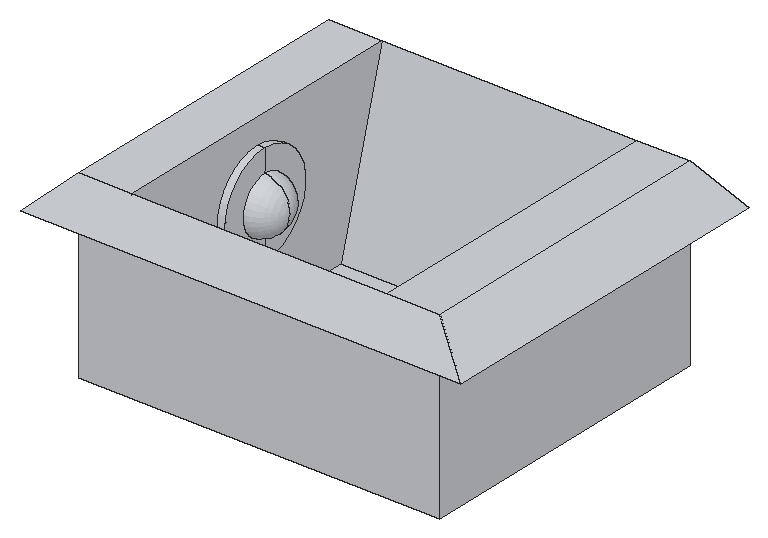
Revit family "WH1845B", category Mechanical Equipment, host Face, Revit 2016
Family settings
  Host = Face
  Part Type = Normal
  Round Connector Dimension = Use Diameter
  OmniClass Number = 23.40.20.21.21
  OmniClass Title = Toilet Paper Dispensers
  Cut with Voids When Loaded = No
  Shared = Yes
  Room Calculation Point = No
Parameters (values of type "WH1845B")
  Waste Connection = no
  OVERALL SIZE WIDTH = 8.75
  Voltage = 0
  Vent Connection = no
  URL = "https://www.whitehallmfg.com/home"
  Type Comments = ""
  Tempered Water Connection = no
  Revised Date = "06/26/19"
  Phone# = "1.800.782.7706"
  Model = "WH1845B"
  Material = Stainless Steel
  Manufacturer = "Whitehall Mfg"
  OVERALL SIZE HEIGHT = 7.625
  HW Connection = no
  Designed By = "ACORN BIM DESIGN TEAM"
  Description = "Ligature Resistant Spindle Button Semi-Recessed Toilet Paper Holder"
  Default Elevation = 0.000"
  OVERALL DEPTH = 0.75
  CW Connection = no
  Assembly Code = ""
  Amperage = 0
  WH1845B - Ligature Resistant Spindle Button Semi-Recessed Toilet Paper Holder = ""
Reference planes (in)
  plane 1 "Center (Front/Back)": y = 0.30637
  plane 2: z = 0
  plane 3 "Center (Left/Right)": x = 0
  plane 4: x = 4.75
  plane 5: x = -4.75
  plane 6: x = -4.375
  plane 7: x = 4.375
  plane 8: x = 3.58
  plane 9: x = -3.58
  plane 10: y = 3.86887
  plane 11: y = 3.41387
  plane 12: y = -2.80113
  plane 13: y = -3.25613
  plane 14: x = -2.531
  plane 15: x = 2.531
  plane 16: y = 2.36887
  plane 17: y = -1.75613
  plane 18: z = -2.875
Forms (in)
  Blend 1, solid
    base sketch origin (0, 0, 0) x (1, 0, 0) y (0, 1, 0)
      loop
        line (-3.58, 3.41387) -> (-3.58, -2.80113) -> (3.58, -2.80113) -> (3.58, 3.41387) -> (-3.58, 3.41387)
    top sketch origin (0, 0, 0) x (1, 0, 0) y (0, 1, 0)
      loop
        line (-4.375, 3.86887) -> (-4.375, -3.25613) -> (4.375, -3.25613) -> (4.375, 3.86887) -> (-4.375, 3.86887)
    from 0.75357 to 0
  Revolve 2, solid
    sketch origin (0, 0.30637, 0.37986) x (1, 0, 0) y (0, 0, 1)
      loop
        line (-2.531, -1.1141) -> (-1.87639, -1.1141)
        arc (-1.87639, -1.1141) -> (-2.01634, -0.74343) -> (-2.36605, -0.55721) r 0.562
        line (-2.36605, -0.55721) -> (-2.36605, -0.1141) -> (-2.531, -0.1141) -> (-2.531, -1.1141)
      axis (-1.87639, -1.1141) -> (-2.531, -1.1141)
    angle from 0 to 360
  Revolve 3, solid
    sketch origin (0, 0.30637, 0.3748) x (-1, 0, 0) y (0, 0, 1)
      loop
        line (-2.531, -1.1141) -> (-1.87639, -1.1141)
        arc (-1.87639, -1.1141) -> (-2.01634, -0.74343) -> (-2.36605, -0.55721) r 0.562
        line (-2.36605, -0.55721) -> (-2.36605, -0.1141) -> (-2.531, -0.1141) -> (-2.531, -1.1141)
      axis (-1.87639, -1.1141) -> (-2.531, -1.1141)
    angle from 0 to 360
  Extrusion 4, void
    sketch origin (0, 0, 0) x (1, 0, 0) y (0, 1, 0)
      loop
        line (-4.06029, 3.41387) -> (-4.06029, -2.80113) -> (4.07015, -2.80113) -> (4.07015, 3.41387) -> (-4.06029, 3.41387)
    from -4.5205 to 0
  Extrusion 5, solid
    sketch origin (0, 0, 0) x (1, 0, 0) y (0, 1, 0)
      loop
        line (-3.58, 3.41387) -> (-3.58, -2.80113) -> (3.58, -2.80113) -> (3.58, 3.41387) -> (-3.58, 3.41387)
    from -2.875 to 0.75357
  Extrusion 6, void
    sketch origin (-9, -60, 48) x (0, -1, 0) y (0, 0, 1)
      loop
        line (-63.41387, -47.24643) -> (-62.39908, -50.77013) -> (-58.21367, -50.77013) -> (-57.19887, -47.24643) -> (-63.41387, -47.24643)
    from -11.531 to -6.469
Cuts and joins
  Extrusion 6 cuts Blend 1
  Extrusion 6 cuts Extrusion 5
  joined: Blend 1, Extrusion 5
Lines and regions (in)
  symbolic lines
    curve 1: line (-4.06029, 0.30637, 0) -> (-4.06029, 0.30637, 0.5)
    curve 2: line (4.18971, 0.30637, 0) -> (4.18971, 0.30637, 0.5)
Dimensions and locks (in)
  equal spacing: plane 5, plane 3 "Center (Left/Right)", plane 4
  plane 4 to plane 5 = 9.500"
  plane 5 to plane 3 "Center (Left/Right)" = 4.750"
  curve 2 to curve 1 = 8.250"
  plane 6 to plane 7 = 8.750"
  equal spacing: plane 6, plane 3 "Center (Left/Right)", plane 7
  plane 9 to plane 8 = 7.160"
  equal spacing: plane 9, plane 3 "Center (Left/Right)", plane 8
  equal spacing: plane 10, plane 1 "Center (Front/Back)", plane 13
  plane 10 to plane 13 = 7.125"
  equal spacing: plane 11, plane 1 "Center (Front/Back)", plane 12
  plane 11 to plane 12 = 6.215"
  equal spacing: plane 14, plane 3 "Center (Left/Right)", plane 15
  equal spacing: plane 16, plane 1 "Center (Front/Back)", plane 17
  plane 16 to plane 17 = 4.125"
  plane 14 to plane 15 = 5.062"
  level to plane 18 = 2.875"
  aligned and locked: plane 2 to host face
  aligned and locked: level to host face
  aligned and locked: host sketch curve to plane 4
  aligned and locked: plane 5 to host sketch curve
  aligned and locked: plane 6 to Blend 1 sketch curve
  aligned and locked: Blend 1 sketch curve to plane 7
  aligned and locked: plane 9 to Blend 1 sketch curve
  aligned and locked: Blend 1 sketch curve to plane 8
  aligned and locked: Blend 1 sketch curve to plane 10
  aligned and locked: plane 13 to Blend 1 sketch curve
  aligned and locked: Blend 1 sketch curve to plane 11
  aligned and locked: plane 12 to Blend 1 sketch curve
  aligned and locked: Blend 1 to level
  aligned and locked: level to Extrusion 4
  aligned and locked: Extrusion 5 to Blend 1
Automatic sketch dimensions
  curve 1 to level = 0.000"
  curve 2 to level = 0.000"
  plane 6 to curve 1 = 0.31471"
  curve 2 to curve 2 = 0.500"
  curve 1 to curve 1 = 0.500"
  host sketch curve to host sketch curve = 8.17187"
  Revolve 2 sketch curve to plane 14 = 0.000"  (x2)
  plane 14 to Revolve 2 sketch curve = 0.09261"
  plane 14 to Revolve 2 sketch curve = 0.16495"
  Revolve 2 sketch curve to Revolve 2 sketch curve = 0.562"
  Revolve 2 sketch curve to level = 0.73467"
  Revolve 2 sketch curve to Revolve 2 sketch curve = 0.00043"
  level to Revolve 2 sketch curve = 0.26576"
  Revolve 2 sketch curve to Revolve 2 sketch curve = 0.500"
  Revolve 2 sketch curve to Revolve 2 sketch curve = 0.000"
  Revolve 3 sketch curve to plane 15 = 0.000"  (x2)
  plane 15 to Revolve 3 sketch curve = 0.09261"
  plane 15 to Revolve 3 sketch curve = 0.16495"
  Revolve 3 sketch curve to Revolve 3 sketch curve = 0.562"
  level to Revolve 3 sketch curve = 0.73973"
  Revolve 3 sketch curve to Revolve 3 sketch curve = 0.00043"
  Revolve 3 sketch curve to level = 0.2607"
  Revolve 3 sketch curve to Revolve 3 sketch curve = 0.500"
  Revolve 3 sketch curve to Revolve 3 sketch curve = 0.000"
  plane 6 to Extrusion 4 sketch curve = 0.31471"
  Extrusion 4 sketch curve to plane 4 = 0.67985"
  Extrusion 4 sketch curve to plane 10 = 6.670"
  Extrusion 4 sketch curve to Extrusion 4 sketch curve = 6.215"
  Extrusion 5 sketch curve to plane 9 = 0.000"
  Extrusion 5 sketch curve to plane 8 = 0.000"
  Extrusion 5 sketch curve to plane 12 = 0.000"
  Extrusion 5 sketch curve to plane 11 = 0.000"
  plane 11 to Extrusion 6 sketch curve = 0.000"
  plane 16 to Extrusion 6 sketch curve = 0.0302"
  plane 17 to Extrusion 6 sketch curve = 0.0302"
  Extrusion 6 sketch curve to plane 12 = 0.000"
  plane 18 to Extrusion 6 sketch curve = 0.10487"
  level to Extrusion 6 sketch curve = 0.75357"
